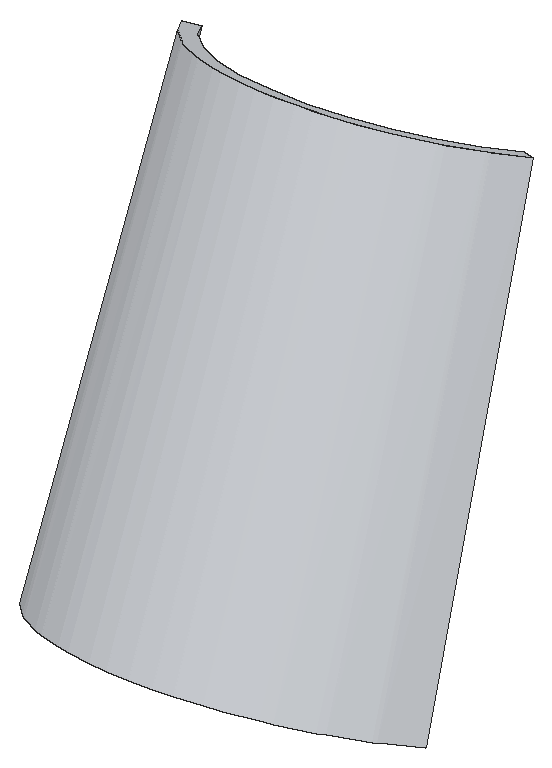
Revit family
Parameters
  nokvorstminimum [instance] = lengte > 500 mm  # yes
  lengte [instance] = 1360 mm
  hoek = 70.00°
  dakpanmateriaal = none
  AantalPannen [instance] = if(nokvorstminimum, lengte / 250 mm, 2)  # 5
Reference planes
  plane 1 "Center (Front/Back)": y = 0
  plane 2: z = 0
  plane 3 "Center (Left/Right)": x = 0
  plane 4: through (0, 0, 0) normal (0, 0.9397, -0.342)
Dimensions and locks
  "hoek": angle plane 4 to level
  aligned: plane 1 "Center (Front/Back)" to nested 1
Nested families
  nested 1: "dakpan" at (0, 0, 0), hoek <- "hoek", type "dakpan"
    with hoek 70.00°
Definition of nested family "dakpan"
  Parameters
    hoek [instance] = 35.00°
    dakpan materiaal = none
  Reference planes
    plane 1 "Center (Front/Back)": y = 0
    plane 2: z = 0
    plane 3 "Center (Left/Right)": x = 0
    plane 4: z = 0
    plane 5 "Hostplane": through (0, 0, 0) normal (0, 0.8192, 0.5736)
  Forms (mm)
    Blend 1, solid, material <- "dakpan materiaal"
      base sketch origin (3.285, 0, -14.394) x (0, 0.573576, -0.819152) y (-1, 0, 0)
        loop
          line (35.606, -121.715) -> (39.609, -112.551)
          arc (39.609, -112.551) -> (-36.204, 3.285) -> (39.609, 119.12) r 126.4
          line (39.609, 119.12) -> (35.606, 128.285)
          arc (35.606, 128.285) -> (-46.204, 3.285) -> (35.606, -121.715) r 136.4
      top sketch origin (3.285, 0, -14.394) x (0, 0.573576, -0.819152) y (-1, 0, 0)
        loop
          line (35.606, -106.715) -> (39.977, -97.721)
          arc (39.977, -97.721) -> (-23.239, 3.285) -> (39.977, 104.29) r 112.3
          line (39.977, 104.29) -> (35.606, 113.285)
          arc (35.606, 113.285) -> (-33.239, 3.285) -> (35.606, -106.715) r 122.3
      from 0 to 300
  Dimensions and locks
    "hoek": angle plane 5 "Hostplane" to plane 1 "Center (Front/Back)"
  Automatic sketch dimensions
    Blend 1 sketch curve to Blend 1 sketch curve = 0 mm  (x4)
    Blend 1 sketch curve to plane 3 "Center (Left/Right)" = 0 mm  (x2)
    plane 3 "Center (Left/Right)" to Blend 1 sketch curve = 125 mm
    Blend 1 sketch curve to plane 3 "Center (Left/Right)" = 125 mm
    Blend 1 sketch curve to Blend 1 sketch curve = 4.002 mm  (x2)
    Blend 1 sketch curve to Blend 1 sketch curve = 50.587 mm
    Blend 1 sketch curve to Blend 1 sketch curve = 9.164 mm
    plane 3 "Center (Left/Right)" to Blend 1 sketch curve = 110 mm
    Blend 1 sketch curve to plane 3 "Center (Left/Right)" = 110 mm
    Blend 1 sketch curve to plane 3 "Center (Left/Right)" = 101.006 mm
    Blend 1 sketch curve to Blend 1 sketch curve = 4.371 mm  (x2)
    Blend 1 sketch curve to Blend 1 sketch curve = 49.084 mm
